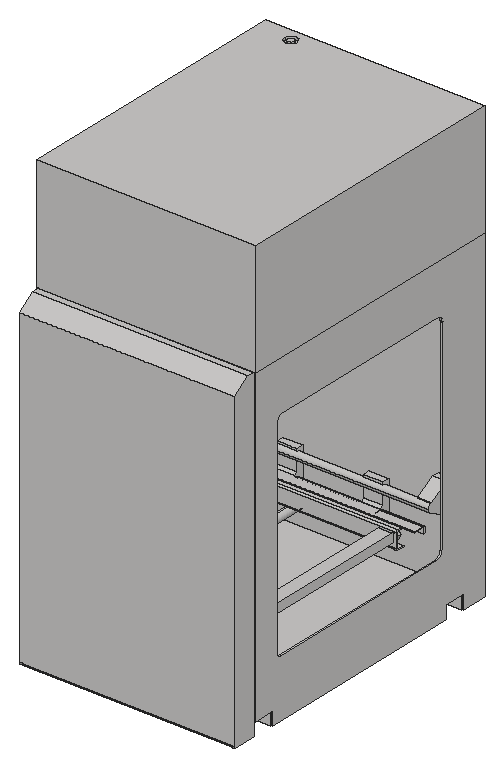
Revit family "QF_ELECTROLUXPROFESSIONAL_534411_NCDSRE56", category Specialty Equipment, Revit 2018
Family settings
  Round Connector Dimension = Use Diameter
  Part Type = Normal
  Work Plane-Based = No
  Always vertical = Yes
  Cut with Voids When Loaded = No
  Shared = No
  Room Calculation Point = No
Parameters (values of type "QF_ELECTROLUX_534411_NCDSRE56")
  Weight = 40.00 kg
  Watts = 0 W
  Volts = 380 V
  URL Manufacturer = "http://professional.electrolux.com"
  URL = "http://professional.electrolux.com"
  Steam Supply Size = 0 mm
  Steam Supply Minimum Pressure = 0.0 Pa
  Steam Supply Maximum Pressure = 0.0 Pa
  Steam Pounds per Hour = 0
  Show Clearance [instance] = yes
  Refrigeration Suction Line Size = 0 mm
  Refrigeration Liquid Line Size = 0 mm
  Refrigerant Compressor Remote = yes
  Manufacturer = "Electrolux"
  Phase = 3
  Model = "NCDSRE56"
  Length Actual = 872 mm  # constant formula
  Item Number = "534411"
  Hot Water Size = 0 mm
  Height Actual = 877 mm  # constant formula
  HP = "5.9 HP"
  Gas Size = 0 mm
  Gas KW = 0
  Gas Input Pressure = 0 W
  Direct Waste Size = 0 mm
  Description = "CORNER DRYER FOR SINGLE RINSE RT, ELECTRIC, 50HZ & 60HZ"
  Depth Actual = 872 mm  # constant formula
  Cycle = 60 Hz
  Condensate Return Size = 0 mm
  Compressed Air Volume = 0.0 L/s
  Compressed Air Size = 0 mm
  Compressed Air Pressure = 0.0 Pa
  Cold Water Size = 0 mm
  Accessory = yes
Types (2, lengths in mm): name | URL | Manufacturer | Phase | Model | Description
  (no name) | 0 | 0 | 0 | 0 | 0
  QF_ELECTROLUX_534411_NCDSRE56 | "http://professional.electrolux.com" | "Electrolux" | 3 | "NCDSRE56" | "CORNER DRYER FOR SINGLE RINSE RT, ELECTRIC, 50HZ & 60HZ"
Values of the unnamed type that differ from the named types
  Volts = 0 V
  URL Manufacturer = ""
  Item Number = ""
  Cycle = 0 Hz
Reference planes
  plane 1: z = 0
  plane 2 "Center Y": x = 293.437
  plane 3 "LEFT": x = 13.437
  plane 4 "RIGHT": x = 573.437
  plane 5 "BACK": y = 383.258
  plane 6 "FRONT": y = -408.742
  plane 7: z = 150
  plane 8: y = -16.742
Forms (mm)
  Extrusion 1, solid, material "QF_Clearance", visible <- "Show Clearance", detail levels coarse
    sketch origin (0, 0, 0) x (1, 0, 0) y (0, 1, 0)
      loop
        line (13.437, 383.258) -> (573.437, 383.258) -> (573.437, 433.258) -> (13.437, 433.258) -> (13.437, 383.258)
    from 658 to 1785
  Extrusion 2, solid, material "QF_Finishes_Stainless Steel"
    sketch origin (13.437, 437.565, 4000) x (0, 1, 0) y (0, 0, 1)
      loop
        line (-730.807, -3340) -> (-177.807, -3340) -> (-177.807, -3305) -> (-121.807, -3305) -> (-121.807, -3340) -> (-54.307, -3340) -> (-54.307, -2507) -> (-786.307, -2507) -> (-786.307, -3305) -> (-730.807, -3305) -> (-730.807, -3340)
      loop
        arc (-206.509, -3192.258) -> (-194.345, -3187.22) -> (-189.307, -3175.057) r 17.201
        line (-189.307, -3175.057) -> (-189.307, -2652.201)
        arc (-189.307, -2652.201) -> (-194.345, -2640.038) -> (-206.509, -2635) r 17.201
        line (-206.509, -2635) -> (-702.106, -2635)
        arc (-702.106, -2635) -> (-714.269, -2640.038) -> (-719.307, -2652.201) r 17.201
        line (-719.307, -2652.201) -> (-719.307, -3175.057)
        arc (-719.307, -3175.057) -> (-714.269, -3187.22) -> (-702.106, -3192.258) r 17.201
        line (-702.106, -3192.258) -> (-206.509, -3192.258)
    from 0 to 5
  Extrusion 3, solid, material "QF_Finishes_Stainless Steel"
    sketch origin (293.437, 0, 235) x (0, 1, 0) y (0, 0, 1)
      loop
        line (383.258, 1550) -> (-348.742, 1550) -> (-348.742, 1258) -> (383.258, 1258) -> (383.258, 1550)
    from -280 to 280
  Extrusion 4, solid, material "QF_Finishes_Stainless Steel"
    sketch origin (293.437, 0, 0) x (0, 1, 0) y (0, 0, 1)
      loop
        line (383.258, 1493) -> (-348.742, 1493) -> (-348.742, 695) -> (-293.242, 695) -> (-293.242, 658) -> (259.758, 658) -> (259.758, 695) -> (315.758, 695) -> (315.758, 658) -> (383.258, 658) -> (383.258, 1493)
      loop
        line (-331.742, 710) -> (308.258, 710) -> (308.258, 1443) -> (-331.742, 1443) -> (-331.742, 710)
    from -275 to 275
  Extrusion 5, solid, material "QF_Finishes_Stainless Steel"
    sketch origin (573.437, 479.936, 4000) x (0, 1, 0) y (0, 0, 1)
      loop
        line (-248.879, -2635) -> (-744.477, -2635)
        arc (-744.477, -2635) -> (-756.64, -2640.038) -> (-761.678, -2652.201) r 17.201
        line (-761.678, -2652.201) -> (-761.678, -3175.057)
        arc (-761.678, -3175.057) -> (-756.64, -3187.22) -> (-744.477, -3192.258) r 17.201
        line (-744.477, -3192.258) -> (-248.879, -3192.258)
        arc (-248.879, -3192.258) -> (-236.716, -3187.22) -> (-231.678, -3175.057) r 17.201
        line (-231.678, -3175.057) -> (-231.678, -2652.201)
        arc (-231.678, -2652.201) -> (-236.716, -2640.038) -> (-248.879, -2635) r 17.201
      loop
        line (-220.178, -3340) -> (-220.178, -3305) -> (-164.178, -3305) -> (-164.178, -3340) -> (-96.678, -3340) -> (-96.678, -2507) -> (-828.678, -2507) -> (-828.678, -3305) -> (-773.178, -3305) -> (-773.178, -3340) -> (-220.178, -3340)
    from -5 to 0
  Extrusion 6, void
    sketch origin (293.437, 383.258, 1785) x (1, 0, 0) y (0, -1, 0)
      loop
        circle (-188, 33.75) r 8
      loop
        circle (-188, 33.75) r 16
    from 0 to 5
  Revolve 7, solid, material "QF_Finishes_Gray"
    sketch origin (360.437, -16.742, 0) x (1, 0, 0) y (0, 0, -1)
      loop
        line (0, -658) -> (39.084, -658) -> (39.084, -648.685) -> (28.095, -648.685) -> (28.095, -636.039) -> (22.236, -632.656) -> (22.236, -612) -> (0, -612) -> (0, -658)
      axis (0, -612) -> (0, -658)
    angle from 0 to 360
Cuts and joins
  Extrusion 6 cuts Extrusion 3
Lines and regions (mm)
  symbolic lines, style "QF_Clearances", visible <- "Show Clearance", detail levels coarse
    curve 1: line (573.437, 433.258, 1785) -> (13.437, 433.258, 1785)
  symbolic lines
    curve 2: line (13.437, 383.258, 0) -> (573.437, 383.258, 0)
    curve 3: line (13.437, -348.742, 0) -> (13.437, 383.258, 0)
    curve 4: line (573.437, -348.742, 0) -> (13.437, -348.742, 0)
    curve 5: line (573.437, 383.258, 0) -> (573.437, -348.742, 0)
    curve 6: line (13.437, 308.258, 0) -> (573.437, 308.258, 0)
    curve 7: line (573.437, -281.742, 0) -> (13.437, -281.742, 0)
Dimensions and locks
  plane 3 "LEFT" to plane 4 "RIGHT" = 560 mm
  plane 5 "BACK" to plane 6 "FRONT" = 792 mm  (x2)
  plane 7 to level = 150 mm
  Extrusion 1 to Extrusion 6 sketch curve = 92 mm
  aligned and locked: level to plane 1
  aligned and locked: cut or joined group of Extrusion 3, Extrusion 6 to plane 3 "LEFT"
  aligned and locked: plane 4 "RIGHT" to cut or joined group of Extrusion 3, Extrusion 6
Nested families
  nested 1: "Door_22'' Dryer" at (50, 3, 0), Show Clearance <- "Show Clearance", type "Door_22'' Dryer"
  nested 2: "Basket_Guide+Wash_Arm_22''" at (0, 0, 0), type "Basket_Guide+Wash_Arm_22''"
Connectors
  electrical at (105.437, 349.508, 1785), driven by "Volts"
    settings: on cut or joined group of Extrusion 3, Extrusion 6, index 5, voltage 380 V, apparent load 0 VA, apparent load phase1 0 VA, apparent load phase2 0 VA, apparent load phase3 0 VA, power factor 1, load classification "Altro", number of poles 1, system type 30, power factor state 1, is connector primary yes, connector utility no, sub classification motor no, connector description "Electrical Connection"
  piping at (360.437, -16.742, 612), diameter 40
    settings: on Revolve 7, index 6, connector inside diameter 609.6 mm, connector length 0 mm, flow factor 0, pipe flow 0.0 L/s, pressure drop 0.0 Pa, fitting loss kfactor 0, connector angle 0.00°, fixture units 0, engagement length 0 mm, angle of deflection 0.00°, flow configuration 1, flow direction 2, fitting loss method 0, system type 16, joint type 0, gender type 0, connector reference index -1, connector utility 0, adjustable connector no, is connector primary yes, connector description "Drain"
Definition of nested family "Door_22'' Dryer"
  Parameters
    Show Clearance [instance] = yes
  Reference planes
    plane 1: z = 0
    plane 2 "Center Y": x = 243.437
    plane 3 "LEFT": x = -36.563
    plane 4 "RIGHT": x = 523.437
    plane 5 "FRONT": y = -411.742
    plane 6: z = 150
    plane 7 "TOP": z = 1785
    plane 8: z = 2095
    plane 9: y = -351.742
  Forms (mm)
    Extrusion 1, solid
      sketch origin (243.437, 0, 0) x (0, 1, 0) y (0, 0, 1)
        loop
          line (-351.742, 658) -> (-351.742, 1493) -> (-371.817, 1493) -> (-411.742, 1463.413) -> (-411.742, 660.5)
          arc (-411.742, 660.5) -> (-411.01, 658.732) -> (-409.242, 658) r 2.5
          line (-409.242, 658) -> (-351.742, 658)
      from -275 to 275
  Lines and regions (mm)
    symbolic lines
      curve 1: line (-31.563, -411.742, 1785) -> (-31.563, -351.742, 1785)
      curve 2: line (518.437, -411.742, 1785) -> (-31.563, -411.742, 1785)
      curve 3: line (518.437, -351.742, 1785) -> (518.437, -411.742, 1785)
  Dimensions and locks
    plane 3 "LEFT" to plane 4 "RIGHT" = 560 mm
    plane 7 "TOP" to plane 6 to level = 1635 mm, 150 mm
    equal spacing: plane 3 "LEFT", plane 2 "Center Y", plane 4 "RIGHT"
    aligned and locked: level to plane 1
  Automatic sketch dimensions
    Extrusion 1 sketch curve to plane 5 "FRONT" = 0 mm
    plane 5 "FRONT" to Extrusion 1 sketch curve = 2.5 mm
    curve 1 to plane 9 = 0 mm
    curve 3 to plane 9 = 0 mm
    curve 2 to plane 5 "FRONT" = 0 mm
    plane 6 to Extrusion 1 sketch curve = 508 mm
    plane 3 "LEFT" to curve 1 = 5 mm
    curve 2 to plane 4 "RIGHT" = 5 mm
    Extrusion 1 sketch curve to plane 9 = 20.076 mm
    Extrusion 1 sketch curve to plane 7 "TOP" = 292 mm
    Extrusion 1 sketch curve to plane 9 = 0 mm
    Extrusion 1 sketch curve to Extrusion 1 sketch curve = 29.587 mm
Definition of nested family "Basket_Guide+Wash_Arm_22''"
  Reference planes
    plane 1: z = 0
    plane 2 "Center Y": x = 293.437
    plane 3 "LEFT": x = 13.437
    plane 4 "RIGHT": x = 573.437
    plane 5: z = 150
    plane 6 "TOP": z = 1785
    plane 7: z = 875
    plane 8: y = 383.258
    plane 9: y = -408.742
  Forms (mm)
    Extrusion 1, solid
      sketch origin (293.437, 0, 0) x (0, 1, 0) y (0, 0, 1)
        loop
          line (-283.687, 929.245) -> (-331.742, 956.99) -> (-331.742, 879.81) -> (-283.687, 907.554) -> (-283.687, 929.245)
        loop
          line (240.203, 929.245) -> (240.203, 907.554) -> (288.258, 879.81) -> (308.258, 879.81) -> (308.258, 956.99) -> (288.258, 956.99) -> (240.203, 929.245)
      from 259 to 223
    Extrusion 2, solid
      sketch origin (293.437, 0, 0) x (0, 1, 0) y (0, 0, 1)
        loop
          line (-283.687, 880.8) -> (-283.687, 933.4) -> (-301.108, 933.4) -> (-301.108, 856.308) -> (-249.185, 804.385) -> (-240.463, 763.388) -> (-239.485, 763.596) -> (-248.268, 804.882) -> (-277.084, 833.698) -> (-240.687, 833.698) -> (-240.687, 855.89) -> (-260.687, 855.89) -> (-260.687, 872.8) -> (-275.687, 872.8) -> (-283.687, 880.8)
        loop
          line (240.203, 880.8) -> (232.203, 872.8) -> (217.203, 872.8) -> (217.203, 855.89) -> (197.203, 855.89) -> (197.203, 833.698) -> (235.015, 833.698) -> (257.624, 856.308) -> (257.624, 933.4) -> (240.203, 933.4) -> (240.203, 880.8)
        loop
          line (-266.685, 1443) -> (-266.685, 1420.164) -> (-244.067, 1380.988) -> (-242.335, 1381.988) -> (-264.685, 1420.7) -> (-264.685, 1443) -> (-266.685, 1443)
      from 135 to 85
    Extrusion 3, solid
      sketch origin (293.437, 0, 0) x (0, 1, 0) y (0, 0, 1)
        loop
          line (-238.687, 858) -> (-238.687, 836) -> (195.203, 836) -> (195.203, 858) -> (-238.687, 858)
      from 195 to 160
    Extrusion 4, solid
      sketch origin (293.437, 0, 0) x (0, 1, 0) y (0, 0, 1)
        loop
          line (-283.687, 929.245) -> (-331.742, 956.99) -> (-331.742, 879.81) -> (-283.687, 907.554) -> (-283.687, 929.245)
        loop
          line (240.203, 929.245) -> (240.203, 907.554) -> (288.258, 879.81) -> (308.258, 879.81) -> (308.258, 956.99) -> (288.258, 956.99) -> (240.203, 929.245)
      from -259 to -223
    Extrusion 5, solid
      sketch origin (293.437, 0, 0) x (0, 1, 0) y (0, 0, 1)
        loop
          circle (-283.687, 918.4) r 10
        loop
          circle (240.203, 918.4) r 10
      from -259 to 259
    Extrusion 6, solid
      sketch origin (293.437, 0, 0) x (0, 1, 0) y (0, 0, 1)
        loop
          line (-283.687, 880.8) -> (-283.687, 933.4) -> (-301.108, 933.4) -> (-301.108, 856.308) -> (-249.185, 804.385) -> (-240.463, 763.388) -> (-239.485, 763.596) -> (-248.268, 804.882) -> (-277.084, 833.698) -> (-240.687, 833.698) -> (-240.687, 855.89) -> (-260.687, 855.89) -> (-260.687, 872.8) -> (-275.687, 872.8) -> (-283.687, 880.8)
        loop
          line (240.203, 880.8) -> (232.203, 872.8) -> (217.203, 872.8) -> (217.203, 855.89) -> (197.203, 855.89) -> (197.203, 833.698) -> (235.015, 833.698) -> (257.624, 856.308) -> (257.624, 933.4) -> (240.203, 933.4) -> (240.203, 880.8)
        loop
          line (-266.685, 1443) -> (-266.685, 1420.164) -> (-244.067, 1380.988) -> (-242.335, 1381.988) -> (-264.685, 1420.7) -> (-264.685, 1443) -> (-266.685, 1443)
      from -135 to -85
    Extrusion 7, solid
      sketch origin (293.437, 0, 0) x (0, 1, 0) y (0, 0, 1)
        loop
          line (233.58, 858) -> (235.58, 858) -> (235.58, 870.68)
          arc (235.58, 870.68) -> (234.315, 873.735) -> (231.26, 875) r 4.32
          line (231.26, 875) -> (203.58, 875) -> (203.58, 873) -> (231.26, 873)
          arc (231.26, 873) -> (232.901, 872.32) -> (233.58, 870.68) r 2.32
          line (233.58, 870.68) -> (233.58, 858)
        loop
          line (-277.064, 858) -> (-277.064, 870.68)
          arc (-277.064, 870.68) -> (-276.384, 872.32) -> (-274.744, 873) r 2.32
          line (-274.744, 873) -> (-247.064, 873) -> (-247.064, 875) -> (-274.744, 875)
          arc (-274.744, 875) -> (-277.799, 873.735) -> (-279.064, 870.68) r 4.32
          line (-279.064, 870.68) -> (-279.064, 858) -> (-277.064, 858)
      from -245 to 245
    Extrusion 8, solid
      sketch origin (293.437, 0, 0) x (0, 1, 0) y (0, 0, 1)
        loop
          line (197.203, 825.32) -> (197.203, 861.68)
          arc (197.203, 861.68) -> (197.883, 863.32) -> (199.523, 864) r 2.32
          line (199.523, 864) -> (217.203, 864) -> (217.203, 866) -> (199.523, 866)
          arc (199.523, 866) -> (196.469, 864.735) -> (195.203, 861.68) r 4.32
          line (195.203, 861.68) -> (195.203, 825.32)
          arc (195.203, 825.32) -> (196.469, 822.265) -> (199.523, 821) r 4.32
          line (199.523, 821) -> (217.203, 821) -> (217.203, 823) -> (199.523, 823)
          arc (199.523, 823) -> (197.883, 823.679) -> (197.203, 825.32) r 2.32
        loop
          arc (-240.687, 825.32) -> (-241.366, 823.679) -> (-243.007, 823) r 2.32
          line (-243.007, 823) -> (-260.687, 823) -> (-260.687, 821) -> (-243.007, 821)
          arc (-243.007, 821) -> (-239.952, 822.265) -> (-238.687, 825.32) r 4.32
          line (-238.687, 825.32) -> (-238.687, 861.68)
          arc (-238.687, 861.68) -> (-239.952, 864.735) -> (-243.007, 866) r 4.32
          line (-243.007, 866) -> (-260.687, 866) -> (-260.687, 864) -> (-243.007, 864)
          arc (-243.007, 864) -> (-241.366, 863.32) -> (-240.687, 861.68) r 2.32
          line (-240.687, 861.68) -> (-240.687, 825.32)
      from -205 to 205
    Extrusion 9, solid
      sketch origin (293.437, 0, 0) x (0, 1, 0) y (0, 0, 1)
        loop
          line (-238.687, 858) -> (-238.687, 836) -> (195.203, 836) -> (195.203, 858) -> (-238.687, 858)
      from -195 to -160
    Extrusion 10, solid
      sketch origin (128.437, 308.258, 1443) x (0, 0, 1) y (-1, 0, 0)
        loop
          line (-650.516, -267.5) -> (-663.507, -260) -> (-676.497, -267.5) -> (-676.497, -282.5) -> (-663.507, -290) -> (-650.516, -282.5) -> (-650.516, -267.5)
        loop
          line (-22.01, -267.5) -> (-35, -260) -> (-47.99, -267.5) -> (-47.99, -282.5) -> (-35, -290) -> (-22.01, -282.5) -> (-22.01, -267.5)
        loop
          line (-650.516, -47.5) -> (-663.507, -40) -> (-676.497, -47.5) -> (-676.497, -62.5) -> (-663.507, -70) -> (-650.516, -62.5) -> (-650.516, -47.5)
        loop
          line (-22.01, -47.5) -> (-35, -40) -> (-47.99, -47.5) -> (-47.99, -62.5) -> (-35, -70) -> (-22.01, -62.5) -> (-22.01, -47.5)
      from 0 to 30
    Extrusion 11, solid
      sketch origin (128.437, 278.258, 1443) x (0, 0, 1) y (-1, 0, 0)
        loop
          circle (-663.507, -275) r 10
        loop
          circle (-35, -275) r 10
        loop
          circle (-663.507, -55) r 10
        loop
          circle (-35, -55) r 10
      from 0 to 537.443
  Cuts and joins
    joined: Extrusion 1, Extrusion 2, Extrusion 3, Extrusion 4, Extrusion 5, Extrusion 6, Extrusion 7, Extrusion 8, Extrusion 9, Extrusion 10, Extrusion 11
  Dimensions and locks
    plane 3 "LEFT" to plane 4 "RIGHT" = 560 mm
    plane 3 "LEFT" to plane 2 "Center Y" to plane 4 "RIGHT" = 280 mm, 280 mm
    plane 6 "TOP" to plane 5 to level = 1635 mm, 150 mm
    plane 9 to plane 8 = 792 mm
    aligned and locked: level to plane 1
